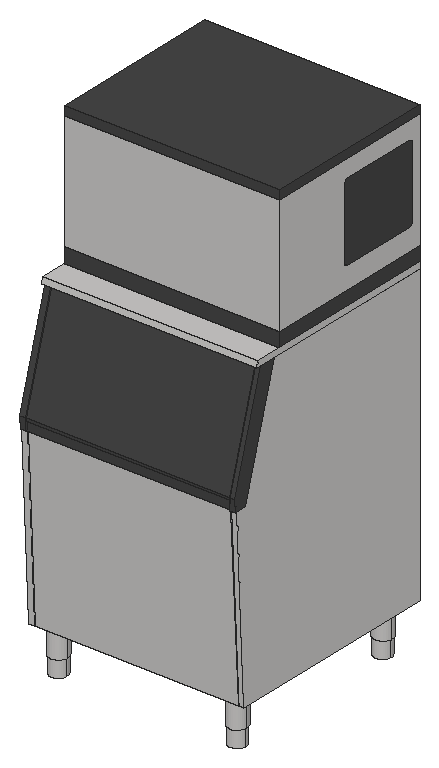
Revit family "QF_ELECTROLUXPROFESSIONAL_730295_IHD237M230SNP", category Specialty Equipment, Revit 2023
Family settings
  Round Connector Dimension = Use Diameter
  Part Type = Normal
  Work Plane-Based = No
  Enable Cutting in Views = No
  Always vertical = Yes
  Cut with Voids When Loaded = No
  Maintain Annotation Orientation = No
  Shared = No
  Room Calculation Point = No
Parameters (values of type "Standard")
  Weight = 85.00 kg
  Watts = 1600 W
  Volts = 220 V
  URL Manufacturer = "https://www.electroluxprofessional.com/"
  URL = "https://www.electroluxprofessional.com/"
  Steam Supply Size = 0 mm
  Steam Supply Minimum Pressure = 0.0 Pa
  Steam Supply Maximum Pressure = 0.0 Pa
  Steam Pounds per Hour = 0
  Show Logo [instance] = yes
  Show Clearance [instance] = yes
  Refrigeration Suction Line Size = 0 mm
  Refrigeration Liquid Line Size = 0 mm
  Refrigerant Compressor Remote = yes
  Manufacturer = "Electrolux Professional"
  Phase = 1
  Model = "IHD237M230SNP"
  Length Actual = 762 mm  # constant formula
  Item Number = "730295"
  Hot Water Size = 0 mm
  Height Actual = 1676 mm  # constant formula
  HP = "2.1 HP"
  Gas Size = 0 mm
  Gas KW = 0
  Gas Input Pressure = 0 W
  Description = "AIR COOLED HALF DICE ICE 237KG/24H-BIN 230KG MODULAR"
  Depth Actual = 819 mm  # constant formula
  Default Elevation = 0 mm
  Cycle = 50 Hz
  Condensate Return Size = 0 mm
  Compressed Air Volume = 0.0 L/s
  Compressed Air Size = 0 mm
  Compressed Air Pressure = 0.0 Pa
  Cold Water Size = 19.05 mm
  Accessory = yes
Reference planes
  plane 1 "Center X": y = 237.851
  plane 2: z = 0
  plane 3 "Center Y": x = -378
  plane 4 "LEFT": x = -759
  plane 5 "BACK": y = 647.351
  plane 6 "RIGHT": x = 3
  plane 7 "FRONT": y = -171.649
  plane 8 "TOP": z = 1231
  plane 9: x = -739
  plane 10: x = -17
  plane 11: z = 155
  plane 12: z = 1211
  plane 13: z = 1131
  plane 14: y = -171.649
  plane 15: x = 3
  plane 16: x = -759
  plane 17: z = 1731
  plane 18: z = 1363.566
  plane 19 "2": y = 667.351
  plane 20 "3": y = 27.351
Forms (mm)
  Extrusion 1, solid, material "QF_Finishes_Stainless Steel"
    sketch origin (-238.119, 667.851, 1599.653) x (0, 0, -1) y (-1, 0, 0)
      loop
        circle (302.153, -206.619) r 10
    from -20.5 to -0.5
  Extrusion 2, solid, material "QF_Finishes_Stainless Steel"
    sketch origin (3, 0, 0) x (0, 1, 0) y (0, 0, 1)
      loop
        line (-70.746, 1231) -> (-75.305, 1211) -> (647.351, 1211) -> (647.351, 1231) -> (-70.746, 1231)
    from -762 to 0
  Extrusion 3, solid, material "QF_Finishes_Stainless Steel"
    sketch origin (3, 0, -220) x (0, 1, 0) y (0, 0, 1)
      loop
        line (2.761, 1431) -> (-125.203, 1012.449) -> (-163.117, 1012.449) -> (-130.122, 375) -> (647.351, 375) -> (647.351, 1431) -> (2.761, 1431)
    from -742 to -20
  Extrusion 4, solid, material "QF_Finishes_Black"
    sketch origin (3, -38.052, -220) x (0, 1, 0) y (0, 0, 1)
      loop
        line (-131.963, 1053.167) -> (-131.595, 1046.139) -> (-129.537, 1046.139) -> (-127.771, 1012.449) -> (-87.151, 1012.449) -> (40.813, 1431) -> (-16.448, 1431) -> (-131.963, 1053.167)
    from -742 to -20
  Extrusion 5, solid, material "QF_Finishes_Black"
    sketch origin (3, -38.052, -220) x (0, 1, 0) y (0, 0, 1)
      loop
        line (-131.963, 1053.167) -> (-129.829, 1012.449) -> (-87.151, 1012.449) -> (40.813, 1431) -> (-16.448, 1431) -> (-131.963, 1053.167)
    from -762 to -742
  Extrusion 6, solid, material "QF_Finishes_Black"
    sketch origin (3, -38.052, -220) x (0, 1, 0) y (0, 0, 1)
      loop
        line (-131.963, 1053.167) -> (-129.829, 1012.449) -> (-87.151, 1012.449) -> (40.813, 1431) -> (-16.448, 1431) -> (-131.963, 1053.167)
    from -20 to 0
  Extrusion 7, solid, material "QF_Finishes_Stainless Steel"
    sketch origin (3, 0, -220) x (0, 1, 0) y (0, 0, 1)
      loop
        line (2.761, 1431) -> (-125.203, 1012.449) -> (-163.117, 1012.449) -> (-130.122, 375) -> (647.351, 375) -> (647.351, 1431) -> (2.761, 1431)
    from -20 to 0
  Extrusion 8, solid, material "QF_Finishes_Stainless Steel"
    sketch origin (3, 0, -220) x (0, 1, 0) y (0, 0, 1)
      loop
        line (2.761, 1431) -> (-125.203, 1012.449) -> (-163.117, 1012.449) -> (-130.122, 375) -> (647.351, 375) -> (647.351, 1431) -> (2.761, 1431)
    from -762 to -742
  Extrusion 9, solid, material "QF_Finishes_Stainless Steel"
    sketch origin (3, 0, 440) x (0, 1, 0) y (0, 0, 1)
      loop
        line (27.351, 1260.349) -> (27.351, 842.501) -> (647.351, 842.501) -> (647.351, 1260.349) -> (27.351, 1260.349)
    from -762 to 0
  Extrusion 10, solid, material "QF_Finishes_Black"
    sketch origin (3, 0, 395) x (0, 1, 0) y (0, 0, 1)
      loop
        line (27.351, 887.501) -> (27.351, 836) -> (647.351, 836) -> (647.351, 887.501) -> (27.351, 887.501)
    from -762 to 0
  Extrusion 11, solid, material "QF_Finishes_Black"
    sketch origin (3, 0, 1015) x (0, 1, 0) y (0, 0, 1)
      loop
        line (27.351, 716) -> (27.351, 685.349) -> (647.351, 685.349) -> (647.351, 716) -> (27.351, 716)
    from -762 to 0
  Extrusion 12, solid, material "QF_Finishes_Stainless Steel"
    sketch origin (-1202.264, 667.851, 1627.261) x (0, 0, -1) y (-1, 0, 0)
      loop
        circle (302.153, -468.619) r 12.5
    from -20.5 to -0.5
  Extrusion 13, solid, material "QF_Finishes_Stainless Steel"
    sketch origin (-1199.841, 667.851, 1316.063) x (0, 0, -1) y (-1, 0, 0)
      loop
        circle (-158.388, -468.619) r 10
    from -20.5 to -0.5
  Extrusion 14, solid
    sketch origin (1774.352, 532.849, 0) x (1, 0, 0) y (0, 1, 0)
      loop
        circle (-2152.352, -35.499) r 10
    from 91.501 to 155
  Extrusion 15, solid, material "QF_Finishes_Black"
    sketch origin (-668.378, 757.228, 75) x (1, 0, 0) y (0, 0, -1)
      loop
        arc (275.378, -1625.349) -> (285.984, -1620.956) -> (290.378, -1610.349) r 15
        line (290.378, -1610.349) -> (290.378, -1222.501)
        arc (290.378, -1222.501) -> (285.984, -1211.894) -> (275.378, -1207.501) r 15
        line (275.378, -1207.501) -> (-25.622, -1207.501)
        arc (-25.622, -1207.501) -> (-36.229, -1211.894) -> (-40.622, -1222.501) r 15
        line (-40.622, -1222.501) -> (-40.622, -1610.349)
        arc (-40.622, -1610.349) -> (-36.229, -1620.956) -> (-25.622, -1625.349) r 15
        line (-25.622, -1625.349) -> (275.378, -1625.349)
    from -109.877 to -107.877
  Extrusion 16, solid, material "QF_Finishes_Black"
    sketch origin (-759, 55.351, 75) x (0, 1, 0) y (0, 0, -1)
      loop
        arc (542, -1563.566) -> (552.607, -1559.172) -> (557, -1548.566) r 15
        line (557, -1548.566) -> (557, -1303.566)
        arc (557, -1303.566) -> (552.607, -1292.959) -> (542, -1288.566) r 15
        line (542, -1288.566) -> (272, -1288.566)
        arc (272, -1288.566) -> (261.393, -1292.959) -> (257, -1303.566) r 15
        line (257, -1303.566) -> (257, -1548.566)
        arc (257, -1548.566) -> (261.393, -1559.172) -> (272, -1563.566) r 15
        line (272, -1563.566) -> (542, -1563.566)
    from 0 to 2
  Extrusion 17, solid, material "QF_Finishes_Black"
    sketch origin (3, 55.351, 75) x (0, 1, 0) y (0, 0, 1)
      loop
        line (542, 1563.566) -> (272, 1563.566)
        arc (272, 1563.566) -> (261.393, 1559.172) -> (257, 1548.566) r 15
        line (257, 1548.566) -> (257, 1303.566)
        arc (257, 1303.566) -> (261.393, 1292.959) -> (272, 1288.566) r 15
        line (272, 1288.566) -> (542, 1288.566)
        arc (542, 1288.566) -> (552.607, 1292.959) -> (557, 1303.566) r 15
        line (557, 1303.566) -> (557, 1548.566)
        arc (557, 1548.566) -> (552.607, 1559.172) -> (542, 1563.566) r 15
    from 0 to 2
Lines and regions (mm)
  symbolic lines
    curve 1: line (-759, 647.351, 0) -> (3, 647.351, 0)
    curve 2: line (-759, -171.649, 0) -> (-759, 647.351, 0)
    curve 3: line (3, -171.649, 0) -> (-759, -171.649, 0)
    curve 4: line (3, 647.351, 0) -> (3, -171.649, 0)
    curve 5: line (-759, 647.351, 100) -> (3, 647.351, 100)
    curve 6: line (-759, -171.649, 100) -> (-759, 647.351, 100)
    curve 7: line (3, 647.351, 100) -> (3, -171.649, 100)
    curve 8: line (-759, -171.649, 100) -> (3, -171.649, 100)
    curve 9: line (-759, 27.351, 100) -> (3, 27.351, 100)
    curve 10: line (-759, -75.305, 100) -> (3, -75.305, 100)
Dimensions and locks
  equal spacing: plane 4 "LEFT", plane 3 "Center Y", plane 6 "RIGHT"
  "Length Actual": plane 4 "LEFT" to plane 6 "RIGHT"
  "Depth Actual": plane 5 "BACK" to plane 7 "FRONT"
  equal spacing: plane 5 "BACK", plane 1 "Center X", plane 7 "FRONT"
  plane 8 "TOP" to plane 2 = 1231 mm
  locked: plane 4 "LEFT" to plane 9 at 20
  locked: plane 10 to plane 6 "RIGHT" at 20
  plane 11 to plane 2 = 155 mm
  locked: plane 8 "TOP" to plane 12 at 20
  locked: plane 12 to plane 13 at 80
  plane 7 "FRONT" to plane 14 = 0 mm
  plane 7 "FRONT" to plane 5 "BACK" = 819 mm
  plane 14 to plane 19 "2" = 839 mm
  plane 11 to Extrusion 7 = 1056 mm
  plane 15 to plane 3 "Center Y" to plane 16 = 381 mm, 381 mm
  equal spacing: plane 16, plane 3 "Center Y", plane 15
  plane 15 to plane 16 = 762 mm
  plane 17 to level = 1731 mm
  plane 8 "TOP" to level = 1231 mm
  plane 17 to plane 8 "TOP" = 500 mm
  Extrusion 9 to plane 5 "BACK" = 620 mm
  plane 20 "3" to plane 5 "BACK" = 620 mm
  nested 4 to plane 3 "Center Y" to nested 1 = 317 mm, 316.899 mm
  aligned and locked: level to plane 2
  aligned and locked: plane 15 to Extrusion 9
  aligned and locked: plane 15 to Extrusion 10
  aligned and locked: Extrusion 11 to plane 16
  aligned and locked: Extrusion 9 to plane 16
  aligned and locked: Extrusion 10 to plane 16
  aligned and locked: plane 5 "BACK" to Extrusion 11
  aligned and locked: plane 5 "BACK" to Extrusion 9
  aligned and locked: Extrusion 9 to plane 20 "3"
Automatic sketch dimensions
  Extrusion 1 sketch curve to plane 10 = 14.5 mm
  plane 18 to Extrusion 1 sketch curve = 66.066 mm
  plane 9 to Extrusion 12 sketch curve = 5.355 mm
  plane 18 to Extrusion 12 sketch curve = 38.458 mm
  plane 9 to Extrusion 13 sketch curve = 7.778 mm
  Extrusion 13 sketch curve to plane 18 = 110.886 mm
  Extrusion 15 sketch curve to plane 3 "Center Y" = 0 mm
  Extrusion 15 sketch curve to Extrusion 15 sketch curve = 15 mm  (x2)
  Extrusion 15 sketch curve to plane 3 "Center Y" = 15 mm
  plane 9 to Extrusion 15 sketch curve = 45 mm  (x2)
  Extrusion 15 sketch curve to plane 17 = 30.651 mm
  plane 18 to Extrusion 15 sketch curve = 66.065 mm
  curve 3 to plane 4 "LEFT" = 0 mm
  curve 3 to plane 6 "RIGHT" = 0 mm
  curve 3 to plane 7 "FRONT" = 0 mm
  curve 2 to plane 5 "BACK" = 0 mm
  Extrusion 2 sketch curve to plane 12 = 0 mm
  Extrusion 2 sketch curve to plane 8 "TOP" = 0 mm
  Extrusion 2 sketch curve to plane 5 "BACK" = 0 mm
  Extrusion 2 sketch curve to plane 20 "3" = 98.097 mm
  Extrusion 2 sketch curve to Extrusion 2 sketch curve = 4.56 mm
  Extrusion 3 sketch curve to plane 11 = 0 mm
  Extrusion 3 sketch curve to plane 12 = 0 mm
  Extrusion 3 sketch curve to plane 5 "BACK" = 0 mm
  Extrusion 3 sketch curve to plane 20 "3" = 24.59 mm
  plane 7 "FRONT" to Extrusion 3 sketch curve = 46.446 mm
  plane 7 "FRONT" to Extrusion 3 sketch curve = 41.528 mm
  plane 7 "FRONT" to Extrusion 3 sketch curve = 8.532 mm
  Extrusion 3 sketch curve to plane 13 = 338.551 mm
  Extrusion 4 sketch curve to plane 12 = 0 mm
  plane 7 "FRONT" to Extrusion 4 sketch curve = 1.634 mm
  plane 7 "FRONT" to Extrusion 4 sketch curve = 2.003 mm
  Extrusion 4 sketch curve to Extrusion 4 sketch curve = 2.058 mm
  plane 7 "FRONT" to Extrusion 4 sketch curve = 5.827 mm
  Extrusion 4 sketch curve to Extrusion 4 sketch curve = 40.62 mm
  Extrusion 4 sketch curve to plane 20 "3" = 81.851 mm
  Extrusion 4 sketch curve to plane 20 "3" = 24.59 mm
  Extrusion 4 sketch curve to plane 13 = 297.833 mm
  Extrusion 4 sketch curve to Extrusion 4 sketch curve = 7.027 mm
  Extrusion 4 sketch curve to Extrusion 4 sketch curve = 33.691 mm
  Extrusion 5 sketch curve to plane 12 = 0 mm
  plane 7 "FRONT" to Extrusion 5 sketch curve = 1.634 mm
  plane 7 "FRONT" to Extrusion 5 sketch curve = 3.768 mm
  Extrusion 5 sketch curve to Extrusion 5 sketch curve = 42.678 mm
  Extrusion 5 sketch curve to plane 20 "3" = 81.851 mm
  Extrusion 5 sketch curve to plane 20 "3" = 24.59 mm
  Extrusion 5 sketch curve to plane 13 = 297.833 mm
  Extrusion 5 sketch curve to Extrusion 5 sketch curve = 40.718 mm
  Extrusion 6 sketch curve to plane 12 = 0 mm
  plane 7 "FRONT" to Extrusion 6 sketch curve = 1.634 mm
  plane 7 "FRONT" to Extrusion 6 sketch curve = 3.768 mm
  Extrusion 6 sketch curve to Extrusion 6 sketch curve = 42.678 mm
  Extrusion 6 sketch curve to plane 20 "3" = 81.851 mm
  Extrusion 6 sketch curve to plane 20 "3" = 24.59 mm
  Extrusion 6 sketch curve to plane 13 = 297.833 mm
  Extrusion 6 sketch curve to Extrusion 6 sketch curve = 40.718 mm
  Extrusion 7 sketch curve to plane 11 = 0 mm
  Extrusion 7 sketch curve to plane 12 = 0 mm
  Extrusion 7 sketch curve to plane 5 "BACK" = 0 mm
  Extrusion 7 sketch curve to plane 20 "3" = 24.59 mm
  plane 7 "FRONT" to Extrusion 7 sketch curve = 46.446 mm
  plane 7 "FRONT" to Extrusion 7 sketch curve = 41.528 mm
  plane 7 "FRONT" to Extrusion 7 sketch curve = 8.532 mm
  Extrusion 7 sketch curve to plane 13 = 338.551 mm
  Extrusion 8 sketch curve to plane 11 = 0 mm
  Extrusion 8 sketch curve to plane 12 = 0 mm
  Extrusion 8 sketch curve to plane 5 "BACK" = 0 mm
  Extrusion 8 sketch curve to plane 20 "3" = 24.59 mm
  plane 7 "FRONT" to Extrusion 8 sketch curve = 46.446 mm
  plane 7 "FRONT" to Extrusion 8 sketch curve = 41.528 mm
  plane 7 "FRONT" to Extrusion 8 sketch curve = 8.532 mm
  Extrusion 8 sketch curve to plane 13 = 338.551 mm
  Extrusion 9 sketch curve to plane 20 "3" = 0 mm
  Extrusion 9 sketch curve to plane 5 "BACK" = 0 mm
  plane 8 "TOP" to Extrusion 9 sketch curve = 51.501 mm
  Extrusion 9 sketch curve to plane 17 = 30.651 mm
  Extrusion 10 sketch curve to plane 8 "TOP" = 0 mm
  Extrusion 10 sketch curve to plane 20 "3" = 0 mm
  Extrusion 10 sketch curve to plane 5 "BACK" = 0 mm
  plane 8 "TOP" to Extrusion 10 sketch curve = 51.501 mm
  Extrusion 11 sketch curve to plane 20 "3" = 0 mm
  Extrusion 11 sketch curve to plane 5 "BACK" = 0 mm
  Extrusion 11 sketch curve to plane 17 = 0 mm
  Extrusion 11 sketch curve to plane 17 = 30.651 mm
  Extrusion 14 sketch curve to plane 3 "Center Y" = 0 mm
  Extrusion 14 sketch curve to plane 5 "BACK" = 150 mm
  plane 18 to Extrusion 16 sketch curve = 0 mm
  Extrusion 16 sketch curve to plane 18 = 15 mm
  Extrusion 16 sketch curve to plane 1 "Center X" = 74.5 mm
  Extrusion 16 sketch curve to Extrusion 16 sketch curve = 15 mm  (x2)
  Extrusion 16 sketch curve to plane 5 "BACK" = 50 mm  (x2)
  Extrusion 16 sketch curve to plane 17 = 107.434 mm
  plane 18 to Extrusion 17 sketch curve = 0 mm
  Extrusion 17 sketch curve to plane 18 = 15 mm
  Extrusion 17 sketch curve to plane 1 "Center X" = 74.5 mm
  Extrusion 17 sketch curve to Extrusion 17 sketch curve = 15 mm  (x2)
  Extrusion 17 sketch curve to plane 5 "BACK" = 50 mm  (x2)
  Extrusion 17 sketch curve to plane 17 = 107.434 mm
  plane 5 "BACK" to curve 5 = 0 mm
  plane 7 "FRONT" to curve 8 = 0 mm
  plane 20 "3" to curve 9 = 0 mm
  plane 6 "RIGHT" to curve 5 = 0 mm
  curve 7 to curve 6 = 762 mm
  curve 10 to curve 7 = 96.344 mm
  radius of Extrusion 1 sketch curve = 10 mm
  radius of Extrusion 12 sketch curve = 12.5 mm
  radius of Extrusion 13 sketch curve = 10 mm
  radius of Extrusion 14 sketch curve = 10 mm
Nested families
  nested 1: "Foot_Complete" at (-694.899, -79.392, 0), type "Foot_Complete"
  nested 2: "Foot_Complete" at (-694.899, 564.718, 0), type "Foot_Complete"
  nested 3: "Foot_Complete" at (-61, 564.718, 0), type "Foot_Complete"
  nested 4: "Foot_Complete" at (-61, -79.392, 0), type "Foot_Complete"
Connectors
  electrical at (-31.5, 667.351, 1297.5), driven by "Volts"
    settings: on Extrusion 1, index 1, voltage 220 V, apparent load 0 VA, apparent load phase1 0 VA, apparent load phase2 0 VA, apparent load phase3 0 VA, power factor 1, load classification "Altro", number of poles 1, system type 30, power factor state 1, is connector primary yes, connector utility no, sub classification motor no, connector description "Electrical Connection"
  piping at (-733.645, 667.351, 1325.107), diameter 25
    settings: on Extrusion 12, index 6, connector inside diameter 609.6 mm, connector length 0 mm, flow factor 0, pipe flow 0.0 L/s, pressure drop 0.0 Pa, fitting loss kfactor 0, connector angle 0.00°, fixture units 0, engagement length 0 mm, angle of deflection 0.00°, flow configuration 0, flow direction 2, fitting loss method 0, system type 16, joint type 0, gender type 0, connector reference index -1, connector utility 0, adjustable connector no, is connector primary yes, connector description "Drain"
  piping at (-731.222, 667.351, 1474.451), diameter 20
    settings: on Extrusion 13, index 7, connector inside diameter 609.6 mm, connector length 0 mm, flow factor 0, pipe flow 0.0 L/s, pressure drop 0.0 Pa, fitting loss kfactor 0, connector angle 0.00°, fixture units 0, engagement length 0 mm, angle of deflection 0.00°, flow configuration 0, flow direction 1, fitting loss method 0, system type 20, joint type 0, gender type 0, connector reference index -1, connector utility 0, adjustable connector no, is connector primary no, connector description "Water Inlet"
  piping at (-378, 497.351, 91.501), diameter 20
    settings: on Extrusion 14, index 8, connector inside diameter 609.6 mm, connector length 0 mm, flow factor 0, pipe flow 0.0 L/s, pressure drop 0.0 Pa, fitting loss kfactor 0, connector angle 0.00°, fixture units 0, engagement length 0 mm, angle of deflection 0.00°, flow configuration 0, flow direction 2, fitting loss method 0, system type 16, joint type 0, gender type 0, connector reference index -1, connector utility 0, adjustable connector no, is connector primary no, connector description "Drain"
Definition of nested family "Foot_Complete"
  Parameters (values of type "Foot_Complete")
    R = 33 mm
    H = 155 mm
    Default Elevation = 0 mm
  Reference planes
    plane 1 "Centro (Fronte/Retro)": y = 0
    plane 2: z = 0
    plane 3 "Centro (Sinistra/Destra)": x = 0
    plane 4: z = 155
  Forms (mm)
    Revolve 1, solid
      sketch origin (255.05, 0, 608.09) x (0, 0, 1) y (-1, 0, 0)
        loop
          line (-608.09, 252.05) -> (-608.09, 225.05) -> (-548.09, 225.05) -> (-548.09, 222.05) -> (-453.09, 222.05) -> (-453.09, 252.05) -> (-608.09, 252.05)
        axis (-608.09, 255.05) -> (-453.09, 255.05)
      angle from 0 to 360
  Dimensions and locks
    level to Revolve 1 sketch curve = 60 mm
    "R": Revolve 1 sketch curve to plane 3 "Centro (Sinistra/Destra)"
    "H": plane 4 to level
    locked: Revolve 1 sketch curve to Revolve 1 sketch curve at 3
    aligned and locked: level to plane 2
    aligned and locked: plane 4 to Revolve 1 sketch curve
    aligned and locked: Revolve 1 sketch curve to level
  Automatic sketch dimensions
    Revolve 1 sketch curve to plane 3 "Centro (Sinistra/Destra)" = 0 mm
    plane 3 "Centro (Sinistra/Destra)" to Revolve 1 sketch curve = 3 mm
    plane 4 to Revolve 1 sketch curve = 50 mm
    Revolve 1 sketch curve to Revolve 1 sketch curve = 20 mm
